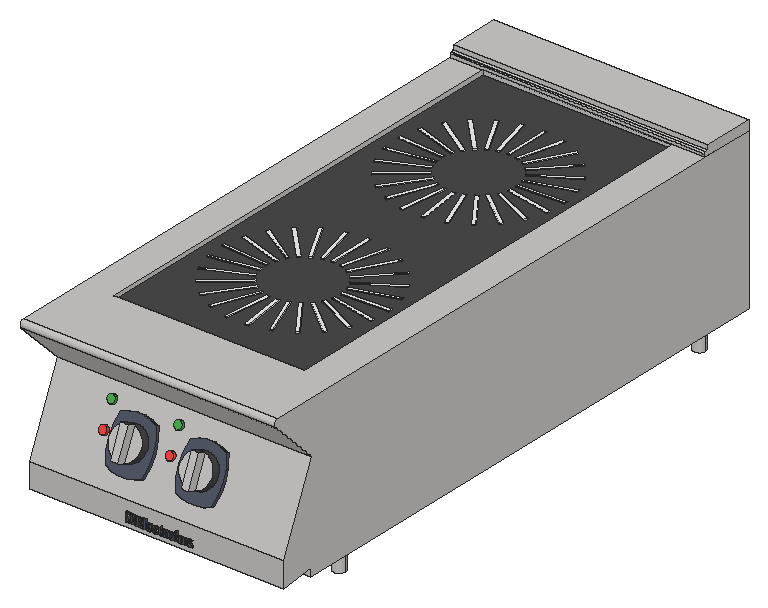
Revit family "QF_ELECTROLUXPROFESSIONAL_391168_E9INED200N", category Specialty Equipment, Revit 2018
Family settings
  Round Connector Dimension = Use Diameter
  Part Type = Normal
  Work Plane-Based = No
  Always vertical = Yes
  Cut with Voids When Loaded = No
  Shared = No
  Room Calculation Point = No
Parameters
  Width = 400 mm  # constant formula
  Weight in Pounds = 69  # constant formula
  Watts = 10000 VA  # 10000 W
  Volts = 230 V  # constant formula
  URL Cutsheet = "www.electrolux.com/foodservice"
  URL = "www.electrolux.com/foodservice"
  Type Mark [instance] = ""
  Status [instance] = ""
  Specification by User [instance] = ""
  Specification by Manufacturer = ""
  Show Logo [instance] = yes
  Show Clearance [instance] = yes
  Serial Number = ""
  Seismic Rating = ""
  SMACNA No = ""
  Revision Code [instance] = ""
  Phase = 3  # constant formula
  Omniclass Number and Title = ""
  Number of Poles [instance] = 1
  NAFEM Spec ID Number = ""
  Model = "391168"
  Min Ckt Ampacity = 0 A
  Max Overcurrent Protection = 0 A
  Masterspec = ""
  Manufacturer = "ELECTROLUX"
  Item Number [instance] = ""
  Installed By [instance] = ""
  Identify Quantity as Lot [instance] = yes
  Height = 290 mm  # constant formula
  HP = "13.4 HP"
  Furnished By [instance] = ""
  Foodservice Equipment Identifier [instance] = yes
  FL Amps = if(Phase = 3, Watts / (Volts * 1.73), Watts / Volts)  # 25.1319 A
  Electrical Remarks [instance] = "230 V/3 ph/50/60 Hz"  # constant formula
  Electric Connection Type [instance] = ""
  Elec Conn RI Height [instance] = 0 mm
  Elec Conn Connection Height [instance] = 0 mm
  Direct Waste Size = 0"
  Description = "900XP 2 ZONE ELECTRIC INDUCTION COOKING TOP -230V"
  Depth = 930 mm  # constant formula
  Cycle = if([60 Hertz Option], 60 Hz, 50 Hz)  # 60 Hz
  Conn Plug = ""
  Conn Conduit = yes
  CSI MasterFormat = ""
  CSI Master Format = ""
  Base Height [instance] = 24 mm  # constant formula
  Apparent Power = if(Phase = 3, Volts * FL Amps * 1.73, Volts * FL Amps)  # 10000 VA
  60 Hertz Option = not([50 Hertz Option])  # yes
  50 Hertz Option = no
Reference planes
  plane 1 "BACK": y = 0
  plane 2: z = 0
  plane 3 "LEFT": x = 0
  plane 4 "RIGHT": x = 400
  plane 5 "FRONT": y = -930
  plane 6 "TOP": z = 290
  plane 7 "Center Y": x = 200
  plane 8 "Center X": y = -465
  plane 9 "BASE": z = 24
  plane 10 "TOP A": z = 275
  plane 11: y = -790
  plane 12: y = -82
Forms (mm)
  Extrusion 1, solid, material "QF_Finishes_Stainless Steel"
    sketch origin (0, 0, 0) x (0, 1, 0) y (0, 0, 1)
      loop
        line (0, 275) -> (-925.027, 275)
        arc (-925.027, 275) -> (-930.893, 271.08) -> (-929.517, 264.16) r 6.35
        line (-929.517, 264.16) -> (-857.416, 191.809) -> (-913.522, 69.19) -> (-913.522, 31.09) -> (-860.4, 36.7) -> (-860.4, 24) -> (0, 24) -> (0, 275)
    from 0 to 400
  Extrusion 2, void
    sketch origin (0, 0, 275) x (-1, 0, 0) y (0, -1, 0)
      loop
        line (-50, 85) -> (-50, 810) -> (-350, 810) -> (-350, 85) -> (-50, 85)
    from 0 to -6.35
  Extrusion 3, solid, material "QF_Finishes_Stainless Steel"
    sketch origin (0, 0, 0) x (1, 0, 0) y (0, 1, 0)
      loop
        circle (11.112, -82) r 9.525
      loop
        circle (388.887, -82) r 9.525
      loop
        circle (11.112, -790) r 9.525
      loop
        circle (388.887, -790) r 9.525
    from 0 to 24
  Extrusion 4, solid, material "QF_Clearances", visible <- "Show Clearance", detail levels coarse
    sketch origin (0, 0, 0) x (1, 0, 0) y (0, 1, 0)
      loop
        line (0, -931.377) -> (0, 0) -> (400, 0) -> (400, -931.377) -> (550.019, -931.377) -> (550.019, 150.019) -> (-150.019, 150.019) -> (-150.019, -931.377) -> (0, -931.377)
    from 0 to 290
  Extrusion 5, solid, material "QF_Finishes_Navy Blue"
    sketch origin (835.325, -913.522, 69.19) x (0, 0.416078, 0.909329) y (-1, 0, 0)
      loop
        arc (101.077, 723.085) -> (66.2, 730.102) -> (31.333, 723.04) r 89.894
        arc (31.333, 723.04) -> (24.638, 694.51) -> (31.333, 665.979) r 64.14
        arc (31.333, 665.979) -> (66.2, 658.914) -> (101.077, 665.935) r 89.853
        arc (101.077, 665.935) -> (107.792, 694.51) -> (101.077, 723.085) r 64.16
      loop
        arc (101.077, 613.085) -> (66.2, 620.102) -> (31.333, 613.04) r 89.894
        arc (31.333, 613.04) -> (24.638, 584.51) -> (31.333, 555.979) r 64.14
        arc (31.333, 555.979) -> (66.2, 548.914) -> (101.077, 555.935) r 89.853
        arc (101.077, 555.935) -> (107.792, 584.51) -> (101.077, 613.085) r 64.16
    from 0 to 3.175
  Extrusion 6, solid, material "QF_Finishes_Stainless Steel"
    sketch origin (835.325, -916.409, 70.511) x (0, 0.416078, 0.909329) y (-1, 0, 0)
      loop
        circle (68.826, 584.332) r 25.4
      loop
        circle (68.826, 695.582) r 25.4
    from 0 to 12.7
  Extrusion 7, solid, material "QF_Finishes_Stainless Steel"
    sketch origin (835.325, -927.958, 75.796) x (0, 0.416078, 0.909329) y (-1, 0, 0)
      loop
        line (93.558, 590.119) -> (44.094, 590.119)
        arc (44.094, 590.119) -> (43.426, 584.332) -> (44.094, 578.546) r 25.4
        line (44.094, 578.546) -> (93.558, 578.546)
        arc (93.558, 578.546) -> (94.226, 584.332) -> (93.558, 590.119) r 25.4
      loop
        line (93.558, 701.369) -> (44.094, 701.369)
        arc (44.094, 701.369) -> (43.426, 695.582) -> (44.094, 689.796) r 25.4
        line (44.094, 689.796) -> (93.558, 689.796)
        arc (93.558, 689.796) -> (94.226, 695.582) -> (93.558, 701.369) r 25.4
    from 0 to 12.7
  Extrusion 8, solid, material "QF_Finishes_Red"
    sketch origin (510.869, -909.361, 78.284) x (0, 0.416078, 0.909329) y (-1, 0, 0)
      loop
        circle (61.417, 416.471) r 6.35
      loop
        circle (61.417, 311.471) r 6.35
    from 0 to 3.175
  Extrusion 9, solid, material "QF_Finishes_Stainless Steel"
    sketch origin (800, 0, 0) x (0, 1, 0) y (0, 0, 1)
      loop
        line (0, 290) -> (-80, 290) -> (-80, 283.447)
        arc (-80, 283.447) -> (-80.635, 281.914) -> (-82.167, 281.279) r 2.167
        line (-82.167, 281.279) -> (-83.733, 281.279)
        arc (-83.733, 281.279) -> (-84.629, 280.908) -> (-85, 280.012) r 1.267
        line (-85, 280.012) -> (-85, 275) -> (0, 275) -> (0, 290)
    from -800 to -400
  Extrusion 10, solid, material "QF_Finishes_Green"
    sketch origin (0, -913.522, 69.19) x (0, 0.416078, 0.909329) y (-1, 0, 0)
      loop
        circle (111.417, -94.398) r 6.35
      loop
        circle (111.417, -199.398) r 6.35
    from 0 to 3.175
  Extrusion 11, solid, material "QF_Finishes_Navy Blue", visible <- "Show Logo"
    sketch origin (0, -915, 31.09) x (0, 0, 1) y (-1, 0, 0)
      loop
        line (22.074, -162.506) -> (9.707, -162.506)
        arc (9.707, -162.506) -> (15.891, -167.078) -> (22.074, -162.506) r 6.467
      loop
        arc (22.074, -161.877) -> (20.905, -156.734) -> (16.249, -154.256) r 6.338
        line (16.249, -154.256) -> (16.249, -156.302)
        arc (16.249, -156.302) -> (17.733, -159.957) -> (21.178, -161.877) r 5.941
        line (21.178, -161.877) -> (22.074, -161.877)
      loop
        arc (10.603, -161.877) -> (14.048, -159.957) -> (15.532, -156.302) r 5.941
        line (15.532, -156.302) -> (15.532, -154.256)
        arc (15.532, -154.256) -> (10.838, -156.73) -> (9.548, -161.877) r 6.504
        line (9.548, -161.877) -> (10.603, -161.877)
      loop
        line (22.749, -153.787) -> (9.004, -153.787) -> (9.004, -167.55) -> (22.749, -167.55) -> (22.749, -153.787)
      loop
        arc (22.832, -170.518) -> (22.485, -170.16) -> (22.118, -170.498) r 0.358
        arc (22.118, -170.498) -> (21.804, -171.248) -> (21.087, -171.633) r 1.216
        line (21.087, -171.633) -> (10.674, -171.633)
        arc (10.674, -171.633) -> (10.014, -171.356) -> (9.618, -170.759) r 1.238
        arc (9.618, -170.759) -> (9.223, -170.508) -> (8.918, -170.862) r 0.358
        line (8.918, -170.862) -> (8.918, -180.741) -> (11.669, -180.741) -> (11.669, -179.844)
        arc (11.669, -179.844) -> (10.76, -179.264) -> (10.304, -178.287) r 1.928
        line (10.304, -178.287) -> (10.304, -175.788)
        arc (10.304, -175.788) -> (10.58, -175.059) -> (11.268, -174.695) r 1.101
        line (11.268, -174.695) -> (15.355, -174.695) -> (15.355, -178.369)
        arc (15.355, -178.369) -> (15.002, -178.866) -> (14.437, -179.094) r 1.083
        arc (14.437, -179.094) -> (14.173, -179.399) -> (14.465, -179.677) r 0.292
        line (14.465, -179.677) -> (17.428, -179.677)
        arc (17.428, -179.677) -> (17.73, -179.404) -> (17.492, -179.074) r 0.305
        arc (17.492, -179.074) -> (17.001, -178.826) -> (16.696, -178.369) r 1.083
        line (16.696, -178.369) -> (16.696, -174.695) -> (21.373, -174.695) -> (21.373, -178.443)
        arc (21.373, -178.443) -> (21.159, -179.198) -> (20.553, -179.696) r 1.314
        arc (20.553, -179.696) -> (20.334, -180.1) -> (20.688, -180.393) r 0.361
        line (20.688, -180.393) -> (22.832, -180.393) -> (22.832, -170.518)
      loop
        arc (22.115, -181.173) -> (21.735, -182.092) -> (20.816, -182.472) r 1.299
        line (20.816, -182.472) -> (11.237, -182.472)
        arc (11.237, -182.472) -> (10.399, -182.094) -> (10.128, -181.216) r 1.118
        line (10.128, -181.216) -> (8.918, -181.216) -> (8.918, -186.566) -> (10.106, -186.566)
        arc (10.106, -186.566) -> (10.378, -185.649) -> (11.248, -185.253) r 1.153
        line (11.248, -185.253) -> (23.32, -185.253) -> (22.115, -181.173)
      loop
        line (13.883, -189.202) -> (13.883, -195.65) -> (14.682, -195.65)
        arc (14.682, -195.65) -> (17.262, -194.665) -> (18.531, -192.212) r 3.874
        line (18.531, -192.212) -> (18.531, -190.451)
        arc (18.531, -190.451) -> (17.344, -187.586) -> (14.48, -186.4) r 4.051
        line (14.48, -186.4) -> (12.472, -186.4)
        arc (12.472, -186.4) -> (9.653, -187.885) -> (8.602, -190.892) r 4.352
        arc (8.602, -190.892) -> (8.966, -193.355) -> (10.343, -195.429) r 5.713
        line (10.343, -195.429) -> (11.292, -195.429)
        arc (11.292, -195.429) -> (10.56, -193.86) -> (10.343, -192.142) r 5.579
        arc (10.343, -192.142) -> (11.137, -190.179) -> (13.016, -189.202) r 3.057
        line (13.016, -189.202) -> (13.883, -189.202)
      loop
        line (15.142, -189.202) -> (15.142, -192.784)
        arc (15.142, -192.784) -> (16.599, -192.832) -> (17.482, -191.672) r 1.59
        line (17.482, -191.672) -> (17.482, -190.842)
        arc (17.482, -190.842) -> (16.617, -189.587) -> (15.142, -189.202) r 2.184
      loop
        arc (17.933, -205.067) -> (18.422, -203.393) -> (18.579, -201.656) r 9.023
        line (18.579, -201.656) -> (18.579, -200.294)
        arc (18.579, -200.294) -> (17.42, -197.494) -> (14.62, -196.335) r 3.959
        line (14.62, -196.335) -> (12.02, -196.335)
        arc (12.02, -196.335) -> (9.738, -197.627) -> (8.621, -200) r 4.331
        line (8.621, -200) -> (8.621, -202.135)
        arc (8.621, -202.135) -> (9.129, -203.685) -> (10.051, -205.031) r 5.772
        arc (10.051, -205.031) -> (10.812, -205.082) -> (10.899, -204.323) r 0.553
        arc (10.899, -204.323) -> (10.511, -203.589) -> (10.377, -202.77) r 2.573
        line (10.377, -202.77) -> (10.377, -201.255)
        arc (10.377, -201.255) -> (11.383, -199.614) -> (13.198, -198.971) r 2.884
        line (13.198, -198.971) -> (14.477, -198.971)
        arc (14.477, -198.971) -> (16.298, -199.531) -> (17.224, -201.196) r 2.554
        line (17.224, -201.196) -> (17.224, -202.249)
        arc (17.224, -202.249) -> (16.893, -203.177) -> (16.236, -203.912) r 2.564
        arc (16.236, -203.912) -> (16.014, -204.629) -> (16.623, -205.067) r 0.643
        line (16.623, -205.067) -> (17.933, -205.067)
      loop
        line (16.915, -205.337) -> (16.915, -206.838) -> (10.867, -206.838)
        arc (10.867, -206.838) -> (9.279, -207.496) -> (8.621, -209.084) r 2.246
        line (8.621, -209.084) -> (8.621, -210.668)
        arc (8.621, -210.668) -> (8.935, -211.533) -> (9.435, -212.304) r 4.06
        arc (9.435, -212.304) -> (10.168, -212.437) -> (10.419, -211.736) r 0.576
        arc (10.419, -211.736) -> (10.313, -211.211) -> (10.377, -210.678) r 1.69
        arc (10.377, -210.678) -> (10.919, -209.89) -> (11.825, -209.587) r 1.506
        line (11.825, -209.587) -> (16.963, -209.587) -> (16.963, -211.984) -> (17.519, -212.541) -> (18.341, -212.541) -> (18.341, -209.681) -> (21.572, -209.681) -> (16.915, -205.337)
      loop
        line (8.838, -213.438) -> (8.838, -218.825) -> (9.948, -218.825)
        arc (9.948, -218.825) -> (10.342, -217.874) -> (11.293, -217.48) r 1.345
        line (11.293, -217.48) -> (14.909, -217.48)
        arc (14.909, -217.48) -> (15.674, -218.072) -> (15.964, -218.994) r 1.615
        line (15.964, -218.994) -> (15.964, -220.55) -> (18.519, -221.235) -> (18.519, -219.852) -> (16.577, -217.293) -> (18.457, -217.293) -> (18.173, -214.587)
        arc (18.173, -214.587) -> (17.733, -214.057) -> (17.074, -214.258) r 0.621
        arc (17.074, -214.258) -> (16.674, -214.6) -> (16.18, -214.783) r 1.501
        line (16.18, -214.783) -> (11.293, -214.783)
        arc (11.293, -214.783) -> (10.342, -214.389) -> (9.948, -213.438) r 1.345
        line (9.948, -213.438) -> (8.838, -213.438)
      loop
        line (14.94, -220.772) -> (12.248, -220.772)
        arc (12.248, -220.772) -> (9.803, -222.08) -> (8.669, -224.611) r 4.288
        arc (8.669, -224.611) -> (8.605, -225.991) -> (8.669, -227.371) r 15.022
        arc (8.669, -227.371) -> (9.803, -229.902) -> (12.248, -231.209) r 4.288
        line (12.248, -231.209) -> (14.94, -231.209)
        arc (14.94, -231.209) -> (17.386, -229.902) -> (18.519, -227.371) r 4.288
        arc (18.519, -227.371) -> (18.583, -225.991) -> (18.519, -224.611) r 15.022
        arc (18.519, -224.611) -> (17.386, -222.08) -> (14.94, -220.772) r 4.288
      loop
        line (15.145, -223.886) -> (12.043, -223.886)
        arc (12.043, -223.886) -> (9.886, -226.043) -> (12.043, -228.2) r 2.157
        line (12.043, -228.2) -> (15.145, -228.2)
        arc (15.145, -228.2) -> (17.302, -226.043) -> (15.145, -223.886) r 2.157
      loop
        arc (22.126, -231.068) -> (21.755, -231.962) -> (20.861, -232.332) r 1.264
        line (20.861, -232.332) -> (10.997, -232.332)
        arc (10.997, -232.332) -> (10.127, -231.935) -> (9.855, -231.019) r 1.153
        line (9.855, -231.019) -> (8.918, -231.019) -> (8.918, -236.127) -> (9.846, -236.127)
        arc (9.846, -236.127) -> (10.205, -235.355) -> (10.997, -235.04) r 1.153
        line (10.997, -235.04) -> (23.32, -235.04) -> (22.126, -231.068)
      loop
        arc (17.246, -235.665) -> (17.047, -236.729) -> (16.078, -237.211) r 1.215
        line (16.078, -237.211) -> (11.058, -237.211)
        arc (11.058, -237.211) -> (9.443, -237.859) -> (8.722, -239.442) r 2.338
        line (8.722, -239.442) -> (8.722, -240.956)
        arc (8.722, -240.956) -> (8.897, -241.96) -> (9.399, -242.846) r 2.979
        line (9.399, -242.846) -> (8.918, -244.643) -> (8.918, -246.332) -> (18.343, -246.332) -> (18.049, -242.128) -> (17.263, -242.128)
        arc (17.263, -242.128) -> (16.907, -242.964) -> (16.155, -243.473) r 1.605
        line (16.155, -243.473) -> (11.052, -243.473)
        arc (11.052, -243.473) -> (10.632, -242.536) -> (10.559, -241.512) r 2.94
        arc (10.559, -241.512) -> (11.12, -240.411) -> (12.273, -239.968) r 1.724
        line (12.273, -239.968) -> (18.47, -239.968) -> (17.246, -235.665)
      loop
        line (18.274, -247.185) -> (16.602, -249.231) -> (13.428, -251.537) -> (9.972, -248.425)
        arc (9.972, -248.425) -> (9.735, -248.031) -> (9.757, -247.572) r 0.789
        line (9.757, -247.572) -> (8.918, -247.572) -> (8.918, -251.117) -> (9.744, -251.117)
        arc (9.744, -251.117) -> (10.086, -250.755) -> (10.576, -250.847) r 0.52
        line (10.576, -250.847) -> (12.376, -252.318) -> (10.258, -253.694)
        arc (10.258, -253.694) -> (9.857, -253.384) -> (9.77, -252.884) r 0.7
        line (9.77, -252.884) -> (8.918, -252.884) -> (8.918, -258.811) -> (9.805, -258.811)
        arc (9.805, -258.811) -> (9.872, -258.152) -> (10.266, -257.621) r 1.247
        line (10.266, -257.621) -> (14.466, -254.34) -> (16.913, -256.393) -> (18.274, -258.135) -> (18.274, -254.412) -> (16.789, -254.834) -> (15.268, -253.557) -> (16.968, -252.367) -> (18.274, -253.144) -> (18.274, -247.185)
    from 0 to 1.644
  Extrusion 12, solid, material "QF_Finishes_Stainless Steel"
    sketch origin (0, 0, 275) x (0, 0, -1) y (-1, 0, 0)
      loop
        circle (220, -340) r 12.7
    from 0 to 12.7
Cuts and joins
  Extrusion 2 cuts Extrusion 1
Lines and regions (mm)
  symbolic lines, style "QF_Clearances", visible <- "Show Clearance", detail levels coarse
    curve 1: line (-150.019, 150.019, 275) -> (-150.019, -931.377, 275)
    curve 2: line (550.019, 150.019, 275) -> (-150.019, 150.019, 275)
    curve 3: line (550.019, -931.377, 275) -> (550.019, 150.019, 275)
  symbolic lines
    curve 4: line (0, 0, 275) -> (400, 0, 275)
    curve 5: line (0, -930, 275) -> (0, 0, 275)
    curve 6: line (400, 0, 275) -> (400, -930, 275)
    curve 7: line (400, -930, 275) -> (0, -930, 275)
    curve 8: line (50, -810, 268.65) -> (50, -110, 268.65)
    curve 9: line (50, -110, 268.65) -> (350, -110, 268.65)
    curve 10: line (350, -110, 268.65) -> (350, -810, 268.65)
    curve 11: line (350, -810, 268.65) -> (50, -810, 268.65)
    curve 12: line (0, -85, 268.65) -> (400, -85, 268.65)
    curve 13: line (0, -80, 268.65) -> (400, -80, 268.65)
Dimensions and locks
  equal spacing: plane 3 "LEFT", plane 7 "Center Y", plane 4 "RIGHT"
  "Width": plane 3 "LEFT" to plane 4 "RIGHT"
  equal spacing: plane 5 "FRONT", plane 8 "Center X", plane 1 "BACK"
  "Depth": plane 5 "FRONT" to plane 1 "BACK"
  "Height": plane 6 "TOP" to level
  "Base Height": plane 9 "BASE" to level
  plane 1 "BACK" to plane 5 "FRONT" = 930 mm
  plane 10 "TOP A" to plane 9 "BASE" = 251 mm  (x2)
  plane 1 "BACK" to plane 12 = 82 mm
  locked: plane 12 to plane 11 at 708
  plane 6 "TOP" to level = 290 mm
  plane 9 "BASE" to level = 24 mm
  Extrusion 1 sketch curve to Extrusion 1 sketch curve to Extrusion 1 sketch curve to Extrusion 1 sketch curve to Extrusion 1 sketch curve to Extrusion 1 sketch curve to Extrusion 1 sketch curve = 2.984 mm locked, 0 mm locked, 53.122 mm locked, 0 mm locked, 11.505 mm locked, 4.49 mm locked
  plane 12 to plane 1 "BACK" = 82 mm
  plane 11 to plane 12 = 708 mm
  cut or joined group of Extrusion 1, Extrusion 2 to plane 10 "TOP A" = 251 mm
  plane 6 "TOP" to plane 2 = 290 mm
  Extrusion 3 sketch curve to plane 1 "BACK" = 82 mm
  Extrusion 3 sketch curve to plane 12 = 708 mm
  aligned and locked: level to plane 2
Automatic sketch dimensions
  plane 5 "FRONT" to curve 7 = 0 mm
  plane 1 "BACK" to curve 6 = 0 mm
  curve 7 to plane 3 "LEFT" = 0 mm
  plane 4 "RIGHT" to curve 6 = 0 mm
  curve 3 to curve 4 = 150.019 mm
  plane 5 "FRONT" to curve 1 = 1.377 mm
  curve 1 to plane 3 "LEFT" = 150.019 mm
  curve 1 to plane 1 "BACK" = 150.019 mm
  plane 5 "FRONT" to curve 3 = 1.377 mm
  Extrusion 1 sketch curve to plane 10 "TOP A" = 0 mm
  Extrusion 1 sketch curve to plane 9 "BASE" = 0 mm
  Extrusion 1 sketch curve to plane 1 "BACK" = 0 mm
  plane 11 to Extrusion 1 sketch curve = 67.416 mm
  plane 9 "BASE" to Extrusion 1 sketch curve = 7.09 mm
  plane 9 "BASE" to Extrusion 1 sketch curve = 12.7 mm
  Extrusion 1 sketch curve to Extrusion 1 sketch curve = 38.1 mm
  Extrusion 1 sketch curve to plane 10 "TOP A" = 83.191 mm
  Extrusion 1 sketch curve to plane 10 "TOP A" = 10.84 mm
  Extrusion 2 to curve 12 = 0 mm
  Extrusion 2 to curve 11 = 0 mm
  curve 11 to Extrusion 2 = 0 mm
  Extrusion 2 to curve 13 = 5 mm
  curve 12 to curve 13 = 0 mm  (x2)
  Extrusion 2 to curve 13 = 50 mm
  curve 10 to Extrusion 2 = 25 mm
  Extrusion 5 sketch curve to Extrusion 1 = 31.333 mm  (x4)
  Extrusion 5 sketch curve to Extrusion 5 sketch curve = 12.3 mm  (x6)
  Extrusion 5 sketch curve to Extrusion 5 sketch curve = 34.925 mm  (x3)
  Extrusion 5 sketch curve to Extrusion 5 sketch curve = 0 mm
  Extrusion 5 sketch curve to Extrusion 5 sketch curve = 22.52 mm  (x2)
  Extrusion 5 sketch curve to Extrusion 5 sketch curve = 25.727 mm
  Extrusion 5 sketch curve to Extrusion 5 sketch curve = 25.771 mm
  Extrusion 5 sketch curve to Extrusion 5 sketch curve = 28.531 mm  (x2)
  Extrusion 5 sketch curve to Extrusion 5 sketch curve = 1.44 mm
  Extrusion 5 sketch curve to Extrusion 5 sketch curve = 52.85 mm
  Extrusion 5 sketch curve to Extrusion 5 sketch curve = 52.939 mm
  Extrusion 6 sketch curve to Extrusion 6 sketch curve = 0 mm
  Extrusion 6 sketch curve to Extrusion 6 sketch curve = 111.25 mm
  Extrusion 7 sketch curve to Extrusion 7 sketch curve = 24.732 mm  (x2)
  Extrusion 7 sketch curve to Extrusion 7 sketch curve = 0 mm  (x2)
  Extrusion 9 sketch curve to plane 10 "TOP A" = 0 mm
  Extrusion 9 sketch curve to plane 6 "TOP" = 0 mm
  Extrusion 9 sketch curve to plane 1 "BACK" = 0 mm
  Extrusion 9 sketch curve to plane 12 = 2 mm
  plane 12 to Extrusion 9 sketch curve = 0.167 mm
  Extrusion 9 sketch curve to Extrusion 9 sketch curve = 1.566 mm
  plane 12 to Extrusion 9 sketch curve = 3 mm
  Extrusion 9 sketch curve to Extrusion 9 sketch curve = 5.012 mm
  Extrusion 1 to Extrusion 5 sketch curve = 305.117 mm
  Extrusion 4 sketch curve to plane 3 "LEFT" = 0 mm
  Extrusion 4 sketch curve to plane 4 "RIGHT" = 0 mm
  Extrusion 4 sketch curve to plane 3 "LEFT" = 150.019 mm
  plane 4 "RIGHT" to Extrusion 4 sketch curve = 150.019 mm
  plane 5 "FRONT" to Extrusion 4 sketch curve = 1.377 mm  (x2)
  Extrusion 4 sketch curve to plane 1 "BACK" = 150.019 mm
  plane 1 "BACK" to Extrusion 4 sketch curve = 0 mm
  plane 12 to Extrusion 2 sketch curve = 3 mm
  plane 11 to Extrusion 2 sketch curve = 20 mm
  Extrusion 2 sketch curve to plane 4 "RIGHT" = 50 mm
  plane 3 "LEFT" to Extrusion 2 sketch curve = 50 mm
  Extrusion 2 to curve 10 = 0 mm
  curve 13 to curve 9 = 50 mm
  Extrusion 1 to Extrusion 8 sketch curve = 63.428 mm  (x2)
  Extrusion 8 sketch curve to Extrusion 8 sketch curve = 105 mm
  Extrusion 1 to Extrusion 8 sketch curve = 199.398 mm
  Extrusion 1 to Extrusion 10 sketch curve = 23.428 mm  (x2)
  Extrusion 1 to Extrusion 10 sketch curve = 199.398 mm
  Extrusion 1 to Extrusion 10 sketch curve = 94.398 mm
  Extrusion 11 sketch curve to plane 7 "Center Y" = 0 mm
  plane 9 "BASE" to Extrusion 11 sketch curve = 10.651 mm
  plane 9 "BASE" to Extrusion 11 sketch curve = 15.692 mm
  plane 9 "BASE" to Extrusion 11 sketch curve = 15.711 mm
  Extrusion 11 sketch curve to Extrusion 11 sketch curve = 0 mm  (x28)
  Extrusion 11 sketch curve to Extrusion 11 sketch curve = 5.108 mm  (x2)
  Extrusion 11 sketch curve to Extrusion 11 sketch curve = 0.054 mm
  Extrusion 11 sketch curve to Extrusion 11 sketch curve = 0.218 mm
  Extrusion 11 sketch curve to Extrusion 11 sketch curve = 0.195 mm
  Extrusion 11 sketch curve to Extrusion 11 sketch curve = 0.249 mm
  plane 9 "BASE" to Extrusion 11 sketch curve = 16.008 mm
  Extrusion 11 sketch curve to Extrusion 11 sketch curve = 0.087 mm
  Extrusion 11 sketch curve to Extrusion 11 sketch curve = 0.358 mm
  Extrusion 11 sketch curve to Extrusion 11 sketch curve = 0.481 mm
  Extrusion 11 sketch curve to Extrusion 11 sketch curve = 0.597 mm
  Extrusion 11 sketch curve to Extrusion 11 sketch curve = 0.544 mm
  Extrusion 11 sketch curve to Extrusion 11 sketch curve = 0.936 mm
  Extrusion 11 sketch curve to Extrusion 11 sketch curve = 0.594 mm
  Extrusion 11 sketch curve to Extrusion 11 sketch curve = 0.343 mm
  Extrusion 11 sketch curve to Extrusion 11 sketch curve = 0.159 mm
  Extrusion 11 sketch curve to Extrusion 11 sketch curve = 0.826 mm
  Extrusion 11 sketch curve to Extrusion 11 sketch curve = 0.839 mm
  Extrusion 11 sketch curve to Extrusion 11 sketch curve = 0.852 mm
  Extrusion 11 sketch curve to Extrusion 11 sketch curve = 0.887 mm
  Extrusion 11 sketch curve to Extrusion 11 sketch curve = 0.928 mm
  Extrusion 11 sketch curve to Extrusion 11 sketch curve = 0.938 mm
  Extrusion 11 sketch curve to Extrusion 11 sketch curve = 0.444 mm
  Extrusion 11 sketch curve to Extrusion 11 sketch curve = 1.11 mm  (x3)
  Extrusion 11 sketch curve to Extrusion 11 sketch curve = 0.215 mm
  Extrusion 11 sketch curve to Extrusion 11 sketch curve = 1.43 mm
  Extrusion 11 sketch curve to Extrusion 11 sketch curve = 1.188 mm
  Extrusion 11 sketch curve to Extrusion 11 sketch curve = 1.21 mm  (x2)
  Extrusion 11 sketch curve to Extrusion 11 sketch curve = 0.503 mm
  Extrusion 11 sketch curve to Extrusion 11 sketch curve = 0.488 mm
  Extrusion 11 sketch curve to Extrusion 11 sketch curve = 0.462 mm
  Extrusion 11 sketch curve to Extrusion 11 sketch curve = 1.386 mm
  Extrusion 11 sketch curve to Extrusion 11 sketch curve = 1.742 mm  (x2)
  Extrusion 11 sketch curve to Extrusion 11 sketch curve = 0.821 mm
  Extrusion 11 sketch curve to Extrusion 11 sketch curve = 0.497 mm
  Extrusion 11 sketch curve to Extrusion 11 sketch curve = 0.539 mm
  Extrusion 11 sketch curve to Extrusion 11 sketch curve = 0.199 mm
  Extrusion 11 sketch curve to Extrusion 11 sketch curve = 0.408 mm
  Extrusion 11 sketch curve to Extrusion 11 sketch curve = 0.743 mm
  Extrusion 11 sketch curve to Extrusion 11 sketch curve = 1.16 mm
  Extrusion 11 sketch curve to Extrusion 11 sketch curve = 0.329 mm
  Extrusion 11 sketch curve to Extrusion 11 sketch curve = 1.054 mm
  Extrusion 11 sketch curve to Extrusion 11 sketch curve = 1.056 mm
  Extrusion 11 sketch curve to Extrusion 11 sketch curve = 0.129 mm
  Extrusion 11 sketch curve to Extrusion 11 sketch curve = 0.489 mm
  Extrusion 11 sketch curve to Extrusion 11 sketch curve = 0.441 mm
  Extrusion 11 sketch curve to Extrusion 11 sketch curve = 1.151 mm
  Extrusion 11 sketch curve to Extrusion 11 sketch curve = 1.141 mm  (x2)
  Extrusion 11 sketch curve to Extrusion 11 sketch curve = 0.768 mm
  Extrusion 11 sketch curve to Extrusion 11 sketch curve = 1.653 mm
  Extrusion 11 sketch curve to Extrusion 11 sketch curve = 0.499 mm
  Extrusion 11 sketch curve to Extrusion 11 sketch curve = 0.964 mm
  Extrusion 11 sketch curve to Extrusion 11 sketch curve = 0.949 mm
  Extrusion 11 sketch curve to Extrusion 11 sketch curve = 1.345 mm  (x2)
  Extrusion 11 sketch curve to Extrusion 11 sketch curve = 1.101 mm
  Extrusion 11 sketch curve to Extrusion 11 sketch curve = 0.432 mm
  Extrusion 11 sketch curve to Extrusion 11 sketch curve = 1.142 mm
  Extrusion 11 sketch curve to Extrusion 11 sketch curve = 0.959 mm
  Extrusion 11 sketch curve to Extrusion 11 sketch curve = 0.176 mm
  Extrusion 11 sketch curve to Extrusion 11 sketch curve = 0.728 mm
  Extrusion 11 sketch curve to Extrusion 11 sketch curve = 3.375 mm  (x2)
  Extrusion 11 sketch curve to Extrusion 11 sketch curve = 0.541 mm
  Extrusion 11 sketch curve to Extrusion 11 sketch curve = 0.955 mm
  Extrusion 11 sketch curve to Extrusion 11 sketch curve = 1.251 mm
  Extrusion 11 sketch curve to Extrusion 11 sketch curve = 0.572 mm
  Extrusion 11 sketch curve to Extrusion 11 sketch curve = 1.92 mm
  Extrusion 11 sketch curve to Extrusion 11 sketch curve = 1.224 mm
  Extrusion 11 sketch curve to Extrusion 11 sketch curve = 0.745 mm
  plane 7 "Center Y" to Extrusion 11 sketch curve = 0.572 mm
  Extrusion 11 sketch curve to Extrusion 11 sketch curve = 2.537 mm
  Extrusion 11 sketch curve to Extrusion 11 sketch curve = 0.896 mm  (x3)
  Extrusion 11 sketch curve to Extrusion 11 sketch curve = 0.036 mm
  Extrusion 11 sketch curve to Extrusion 11 sketch curve = 2.607 mm
  Extrusion 11 sketch curve to Extrusion 11 sketch curve = 0.066 mm
  Extrusion 11 sketch curve to Extrusion 11 sketch curve = 0.248 mm
  Extrusion 11 sketch curve to Extrusion 11 sketch curve = 0.449 mm
  Extrusion 11 sketch curve to Extrusion 11 sketch curve = 1.052 mm
  Extrusion 11 sketch curve to Extrusion 11 sketch curve = 1.863 mm
  Extrusion 11 sketch curve to Extrusion 11 sketch curve = 1.31 mm  (x2)
  Extrusion 11 sketch curve to Extrusion 11 sketch curve = 0.901 mm
  Extrusion 11 sketch curve to Extrusion 11 sketch curve = 1.107 mm
  Extrusion 11 sketch curve to Extrusion 11 sketch curve = 2.122 mm
  Extrusion 11 sketch curve to Extrusion 11 sketch curve = 2.101 mm
  Extrusion 11 sketch curve to Extrusion 11 sketch curve = 0.106 mm
  Extrusion 11 sketch curve to Extrusion 11 sketch curve = 0.029 mm
  Extrusion 11 sketch curve to Extrusion 11 sketch curve = 2.09 mm
  Extrusion 11 sketch curve to Extrusion 11 sketch curve = 1.279 mm
  Extrusion 11 sketch curve to Extrusion 11 sketch curve = 2.008 mm
  Extrusion 11 sketch curve to Extrusion 11 sketch curve = 0.738 mm
  Extrusion 11 sketch curve to Extrusion 11 sketch curve = 0.382 mm
  Extrusion 11 sketch curve to Extrusion 11 sketch curve = 0.384 mm
  Extrusion 11 sketch curve to Extrusion 11 sketch curve = 0.002 mm
  Extrusion 11 sketch curve to Extrusion 11 sketch curve = 0.561 mm
  Extrusion 11 sketch curve to Extrusion 11 sketch curve = 0.592 mm
  Extrusion 11 sketch curve to Extrusion 11 sketch curve = 2.692 mm
  Extrusion 11 sketch curve to Extrusion 11 sketch curve = 1.259 mm
  Extrusion 11 sketch curve to Extrusion 11 sketch curve = 0.802 mm
  Extrusion 11 sketch curve to Extrusion 11 sketch curve = 1.024 mm  (x2)
  Extrusion 11 sketch curve to Extrusion 11 sketch curve = 0.682 mm
  Extrusion 11 sketch curve to Extrusion 11 sketch curve = 5.934 mm
  Extrusion 11 sketch curve to Extrusion 11 sketch curve = 2.186 mm
  Extrusion 11 sketch curve to Extrusion 11 sketch curve = 0.337 mm
  Extrusion 11 sketch curve to Extrusion 11 sketch curve = 0.021 mm
  Extrusion 11 sketch curve to Extrusion 11 sketch curve = 1.005 mm
  Extrusion 11 sketch curve to Extrusion 11 sketch curve = 0.552 mm
  Extrusion 11 sketch curve to Extrusion 11 sketch curve = 0.778 mm
  Extrusion 11 sketch curve to Extrusion 11 sketch curve = 0.063 mm
  Extrusion 11 sketch curve to Extrusion 11 sketch curve = 1.023 mm
  Extrusion 11 sketch curve to Extrusion 11 sketch curve = 3.804 mm
  Extrusion 11 sketch curve to Extrusion 11 sketch curve = 0.486 mm
  Extrusion 11 sketch curve to Extrusion 11 sketch curve = 0.266 mm  (x2)
  Extrusion 11 sketch curve to Extrusion 11 sketch curve = 1.547 mm
  Extrusion 11 sketch curve to Extrusion 11 sketch curve = 0.717 mm  (x2)
  Extrusion 11 sketch curve to Extrusion 11 sketch curve = 1.667 mm
  Extrusion 11 sketch curve to Extrusion 11 sketch curve = 3.174 mm
  Extrusion 11 sketch curve to Extrusion 11 sketch curve = 0.388 mm
  Extrusion 11 sketch curve to Extrusion 11 sketch curve = 1.342 mm
  Extrusion 11 sketch curve to Extrusion 11 sketch curve = 1.521 mm
  Extrusion 11 sketch curve to Extrusion 11 sketch curve = 0.124 mm
  Extrusion 11 sketch curve to Extrusion 11 sketch curve = 0.291 mm
  plane 7 "Center Y" to Extrusion 11 sketch curve = 11.984 mm
  Extrusion 11 sketch curve to Extrusion 11 sketch curve = 1.049 mm  (x2)
  Extrusion 11 sketch curve to Extrusion 11 sketch curve = 1.7 mm
  Extrusion 11 sketch curve to Extrusion 11 sketch curve = 0.894 mm
  Extrusion 11 sketch curve to Extrusion 11 sketch curve = 0.989 mm
  Extrusion 11 sketch curve to Extrusion 11 sketch curve = 1.168 mm
  Extrusion 11 sketch curve to Extrusion 11 sketch curve = 1.594 mm
  Extrusion 11 sketch curve to Extrusion 11 sketch curve = 0.731 mm
  Extrusion 11 sketch curve to Extrusion 11 sketch curve = 1.566 mm
  Extrusion 11 sketch curve to Extrusion 11 sketch curve = 0.064 mm
  Extrusion 11 sketch curve to Extrusion 11 sketch curve = 0.556 mm  (x3)
  Extrusion 11 sketch curve to Extrusion 11 sketch curve = 0.48 mm
  Extrusion 11 sketch curve to Extrusion 11 sketch curve = 1.018 mm
  Extrusion 11 sketch curve to Extrusion 11 sketch curve = 0.787 mm
  Extrusion 11 sketch curve to Extrusion 11 sketch curve = 0.618 mm
  Extrusion 11 sketch curve to Extrusion 11 sketch curve = 1.672 mm
  Extrusion 11 sketch curve to Extrusion 11 sketch curve = 1.361 mm
  Extrusion 11 sketch curve to Extrusion 11 sketch curve = 0.822 mm
  Extrusion 11 sketch curve to Extrusion 11 sketch curve = 0.069 mm
  Extrusion 11 sketch curve to Extrusion 11 sketch curve = 1.88 mm
  Extrusion 11 sketch curve to Extrusion 11 sketch curve = 0.42 mm
  Extrusion 11 sketch curve to Extrusion 11 sketch curve = 0.062 mm
  Extrusion 11 sketch curve to Extrusion 11 sketch curve = 1.355 mm
  Extrusion 11 sketch curve to Extrusion 11 sketch curve = 2.34 mm
  Extrusion 11 sketch curve to Extrusion 11 sketch curve = 0.493 mm
  Extrusion 11 sketch curve to Extrusion 11 sketch curve = 0.136 mm
  Extrusion 11 sketch curve to Extrusion 11 sketch curve = 0.128 mm
  Extrusion 11 sketch curve to Extrusion 11 sketch curve = 3.616 mm
  Extrusion 11 sketch curve to Extrusion 11 sketch curve = 4.207 mm
  Extrusion 11 sketch curve to Extrusion 11 sketch curve = 0.183 mm
  Extrusion 11 sketch curve to Extrusion 11 sketch curve = 0.895 mm
  Extrusion 11 sketch curve to Extrusion 11 sketch curve = 1.314 mm
  Extrusion 11 sketch curve to Extrusion 11 sketch curve = 3.231 mm
  Extrusion 11 sketch curve to Extrusion 11 sketch curve = 1.299 mm
  Extrusion 11 sketch curve to Extrusion 11 sketch curve = 1.214 mm
  Extrusion 11 sketch curve to Extrusion 11 sketch curve = 1.264 mm
  Extrusion 11 sketch curve to Extrusion 11 sketch curve = 0.109 mm
  Extrusion 11 sketch curve to Extrusion 11 sketch curve = 0.357 mm
  Extrusion 11 sketch curve to Extrusion 11 sketch curve = 0.565 mm
  Extrusion 11 sketch curve to Extrusion 11 sketch curve = 2.504 mm
  Extrusion 11 sketch curve to Extrusion 11 sketch curve = 2.459 mm
  Extrusion 11 sketch curve to Extrusion 11 sketch curve = 0.32 mm
  Extrusion 11 sketch curve to Extrusion 11 sketch curve = 1.322 mm
  Extrusion 11 sketch curve to Extrusion 11 sketch curve = 1.134 mm
  Extrusion 11 sketch curve to Extrusion 11 sketch curve = 2.51 mm
  Extrusion 11 sketch curve to Extrusion 11 sketch curve = 0.187 mm
  Extrusion 11 sketch curve to Extrusion 11 sketch curve = 2.559 mm
  Extrusion 11 sketch curve to Extrusion 11 sketch curve = 1.556 mm
  Extrusion 11 sketch curve to Extrusion 11 sketch curve = 0.222 mm
  Extrusion 11 sketch curve to Extrusion 11 sketch curve = 1.383 mm
  Extrusion 11 sketch curve to Extrusion 11 sketch curve = 3.114 mm
  Extrusion 11 sketch curve to Extrusion 11 sketch curve = 3.376 mm
  Extrusion 11 sketch curve to Extrusion 11 sketch curve = 0.934 mm
  Extrusion 11 sketch curve to Extrusion 11 sketch curve = 0.191 mm
  Extrusion 11 sketch curve to Extrusion 11 sketch curve = 3.696 mm
  Extrusion 11 sketch curve to Extrusion 11 sketch curve = 2.708 mm
  Extrusion 11 sketch curve to Extrusion 11 sketch curve = 3.333 mm
  Extrusion 11 sketch curve to Extrusion 11 sketch curve = 0.332 mm
  Extrusion 11 sketch curve to Extrusion 11 sketch curve = 1.087 mm
  Extrusion 11 sketch curve to Extrusion 11 sketch curve = 2.23 mm
  Extrusion 11 sketch curve to Extrusion 11 sketch curve = 2.757 mm
  Extrusion 11 sketch curve to Extrusion 11 sketch curve = 0.987 mm
  Extrusion 11 sketch curve to Extrusion 11 sketch curve = 1.529 mm
  Extrusion 11 sketch curve to Extrusion 11 sketch curve = 1.796 mm
  Extrusion 11 sketch curve to Extrusion 11 sketch curve = 2.859 mm
  Extrusion 11 sketch curve to Extrusion 11 sketch curve = 0.853 mm
  Extrusion 11 sketch curve to Extrusion 11 sketch curve = 1.241 mm
  Extrusion 11 sketch curve to Extrusion 11 sketch curve = 2.046 mm  (x2)
  Extrusion 11 sketch curve to Extrusion 11 sketch curve = 2.422 mm
  Extrusion 11 sketch curve to Extrusion 11 sketch curve = 0.27 mm  (x2)
  Extrusion 11 sketch curve to Extrusion 11 sketch curve = 0.69 mm
  Extrusion 11 sketch curve to Extrusion 11 sketch curve = 0.781 mm  (x2)
  Extrusion 11 sketch curve to Extrusion 11 sketch curve = 3.136 mm
  Extrusion 11 sketch curve to Extrusion 11 sketch curve = 1.767 mm
  Extrusion 11 sketch curve to Extrusion 11 sketch curve = 0.138 mm
  Extrusion 11 sketch curve to Extrusion 11 sketch curve = 0.777 mm
  Extrusion 11 sketch curve to Extrusion 11 sketch curve = 1.19 mm
  Extrusion 11 sketch curve to Extrusion 11 sketch curve = 0.782 mm
  Extrusion 11 sketch curve to Extrusion 11 sketch curve = 1.268 mm
  Extrusion 11 sketch curve to Extrusion 11 sketch curve = 0.422 mm  (x2)
  Extrusion 11 sketch curve to Extrusion 11 sketch curve = 1.559 mm
  Extrusion 11 sketch curve to Extrusion 11 sketch curve = 3.927 mm
  Extrusion 11 sketch curve to Extrusion 11 sketch curve = 0.983 mm
  Extrusion 11 sketch curve to Extrusion 11 sketch curve = 0.366 mm
  Extrusion 11 sketch curve to Extrusion 11 sketch curve = 0.094 mm
  Extrusion 11 sketch curve to Extrusion 11 sketch curve = 1.584 mm
  Extrusion 11 sketch curve to Extrusion 11 sketch curve = 1.501 mm
  Extrusion 11 sketch curve to Extrusion 11 sketch curve = 1.808 mm
  Extrusion 11 sketch curve to Extrusion 11 sketch curve = 0.643 mm
  Extrusion 11 sketch curve to Extrusion 11 sketch curve = 0.916 mm
  Extrusion 11 sketch curve to Extrusion 11 sketch curve = 0.352 mm
  Extrusion 11 sketch curve to Extrusion 11 sketch curve = 0.458 mm
  Extrusion 11 sketch curve to Extrusion 11 sketch curve = 0.685 mm
  Extrusion 11 sketch curve to Extrusion 11 sketch curve = 0.905 mm
  Extrusion 11 sketch curve to Extrusion 11 sketch curve = 2.865 mm
  Extrusion 11 sketch curve to Extrusion 11 sketch curve = 0.472 mm
  Extrusion 11 sketch curve to Extrusion 11 sketch curve = 0.101 mm
  Extrusion 11 sketch curve to Extrusion 11 sketch curve = 0.54 mm
  Extrusion 11 sketch curve to Extrusion 11 sketch curve = 0.02 mm
  Extrusion 11 sketch curve to Extrusion 11 sketch curve = 0.468 mm
  Extrusion 11 sketch curve to Extrusion 11 sketch curve = 0.829 mm
  Extrusion 11 sketch curve to Extrusion 11 sketch curve = 0.582 mm
  Extrusion 11 sketch curve to Extrusion 11 sketch curve = 0.166 mm
  Extrusion 11 sketch curve to Extrusion 11 sketch curve = 0.16 mm
  Extrusion 11 sketch curve to Extrusion 11 sketch curve = 2.781 mm
  Extrusion 11 sketch curve to Extrusion 11 sketch curve = 1.118 mm
  Extrusion 11 sketch curve to Extrusion 11 sketch curve = 0.613 mm
  Extrusion 11 sketch curve to Extrusion 11 sketch curve = 0.361 mm
  Extrusion 11 sketch curve to Extrusion 11 sketch curve = 0.897 mm
  Extrusion 11 sketch curve to Extrusion 11 sketch curve = 0.167 mm
  Extrusion 11 sketch curve to Extrusion 11 sketch curve = 0.292 mm
  Extrusion 11 sketch curve to Extrusion 11 sketch curve = 0.305 mm
  Extrusion 11 sketch curve to Extrusion 11 sketch curve = 1.557 mm
  Extrusion 11 sketch curve to Extrusion 11 sketch curve = 2.499 mm
  Extrusion 11 sketch curve to Extrusion 11 sketch curve = 3.062 mm
  Extrusion 11 sketch curve to Extrusion 11 sketch curve = 2.968 mm
  Extrusion 11 sketch curve to Extrusion 11 sketch curve = 5.044 mm
  Extrusion 11 sketch curve to Extrusion 11 sketch curve = 0.629 mm  (x2)
  Extrusion 11 sketch curve to Extrusion 11 sketch curve = 1.131 mm
  Extrusion 11 sketch curve to Extrusion 11 sketch curve = 0.137 mm
  Extrusion 11 sketch curve to Extrusion 11 sketch curve = 0.027 mm
  Extrusion 11 sketch curve to Extrusion 11 sketch curve = 2.235 mm
  Extrusion 1 to Extrusion 12 sketch curve = 31 mm
  Extrusion 1 to Extrusion 12 sketch curve = 60 mm
  plane 11 to Extrusion 3 sketch curve = 0 mm
  plane 12 to Extrusion 3 sketch curve = 0 mm
  plane 3 "LEFT" to Extrusion 3 sketch curve = 11.112 mm  (x2)
  Extrusion 3 sketch curve to plane 4 "RIGHT" = 11.113 mm  (x2)
  radius of Extrusion 6 sketch curve = 25.4 mm  (x2)
  radius of Extrusion 7 sketch curve to Extrusion 6 = 0 mm  (x4)
  radius of Extrusion 8 sketch curve = 6.35 mm  (x2)
  radius of Extrusion 10 sketch curve = 6.35 mm  (x2)
  radius of Extrusion 12 sketch curve = 12.7 mm
  radius of Extrusion 3 sketch curve = 9.525 mm  (x4)
Nested families
  nested 1: "INDUCTION BURNER" at (68.5, -148.911, 268.65), type "INDUCTION BURNER"
    with Type Mark "", Status "", Specification by User "", Revision Code "", Item Number "", Installed By "", Identify Quantity as Lot yes, Furnished By "", Foodservice Equipment Identifier yes
  nested 2: "INDUCTION BURNER" at (68.5, -494.622, 268.65), type "INDUCTION BURNER"
    with Type Mark "", Status "", Specification by User "", Revision Code "", Item Number "", Installed By "", Identify Quantity as Lot yes, Furnished By "", Foodservice Equipment Identifier yes
Connectors
  electrical at (340, 12.7, 55), driven by "Volts", driven by "Watts"
    settings: on Extrusion 12, index 1, voltage 230 V, apparent load 10000 VA, apparent load phase1 0 VA, apparent load phase2 0 VA, apparent load phase3 0 VA, power factor 1, load classification "Other", number of poles 1, system type 30, power factor state 1, is connector primary yes, connector utility no, sub classification motor no, connector description "ELECTRICAL CONNECTION"
Definition of nested family "INDUCTION BURNER"
  Parameters
    Weight in Pounds = 0
    URL Cutsheet = ""
    Type Mark [instance] = ""
    Status [instance] = ""
    Specification by User [instance] = ""
    Specification by Manufacturer = ""
    Serial Number = ""
    Seismic Rating = ""
    SMACNA No = ""
    Revision Code [instance] = ""
    Omniclass Number and Title = ""
    NAFEM Spec ID Number = ""
    Masterspec = ""
    Item Number [instance] = ""
    Installed By [instance] = ""
    Identify Quantity as Lot [instance] = yes
    Furnished By [instance] = ""
    Foodservice Equipment Identifier [instance] = yes
    CSI MasterFormat = ""
    CSI Master Format = ""
    Assembly Code = ""
  Reference planes
    plane 1 "BACK": y = 0
    plane 2: z = 0
    plane 3 "LEFT": x = 0
    plane 4 "RIGHT": x = 263
    plane 5 "FRONT": y = -263
    plane 6 "TOP": z = 0.794
    plane 7 "Center Y": x = 131.5
    plane 8 "Center X": y = -131.5
  Forms (mm)
    Extrusion 1, solid
      sketch origin (0, 0, 0) x (1, 0, 0) y (0, 1, 0)
        loop
          line (134, -73.314) -> (134, 0) -> (129, 0) -> (129, -73.314) -> (134, -73.314)
        loop
          line (119.451, -74.521) -> (101.219, -3.51) -> (96.376, -4.753) -> (114.608, -75.764) -> (119.451, -74.521)
        loop
          line (105.66, -79.307) -> (70.34, -15.061) -> (65.959, -17.47) -> (101.278, -81.716) -> (105.66, -79.307)
        loop
          line (93.492, -87.373) -> (43.304, -33.929) -> (39.66, -37.352) -> (89.847, -90.796) -> (93.492, -87.373)
        loop
          line (83.712, -98.212) -> (21.81, -58.928) -> (19.131, -63.15) -> (81.033, -102.433) -> (83.712, -98.212)
        loop
          line (5.664, -93.242) -> (75.39, -115.897) -> (76.935, -111.142) -> (7.209, -88.487) -> (5.664, -93.242)
        loop
          line (73.586, -125.351) -> (0.416, -120.748) -> (0.103, -125.738) -> (73.272, -130.342) -> (73.586, -125.351)
        loop
          line (73.876, -139.947) -> (1.861, -153.685) -> (2.798, -158.596) -> (74.813, -144.859) -> (73.876, -139.947)
        loop
          line (77.788, -154.012) -> (11.451, -185.228) -> (13.58, -189.752) -> (79.916, -158.536) -> (77.788, -154.012)
        loop
          line (85.074, -166.663) -> (28.584, -213.395) -> (31.771, -217.248) -> (88.261, -170.515) -> (85.074, -166.663)
        loop
          line (95.277, -177.104) -> (52.184, -236.416) -> (56.229, -239.355) -> (99.322, -180.043) -> (95.277, -177.104)
        loop
          line (107.756, -184.679) -> (80.767, -252.845) -> (85.416, -254.686) -> (112.405, -186.52) -> (107.756, -184.679)
        loop
          line (121.727, -188.914) -> (112.538, -261.65) -> (117.499, -262.276) -> (126.688, -189.54) -> (121.727, -188.914)
        loop
          line (143.549, -74.521) -> (148.392, -75.764) -> (166.624, -4.753) -> (161.781, -3.51) -> (143.549, -74.521)
        loop
          line (157.34, -79.307) -> (161.722, -81.716) -> (197.041, -17.47) -> (192.66, -15.061) -> (157.34, -79.307)
        loop
          line (169.508, -87.373) -> (173.153, -90.796) -> (223.34, -37.352) -> (219.696, -33.929) -> (169.508, -87.373)
        loop
          line (179.288, -98.212) -> (181.967, -102.433) -> (243.869, -63.15) -> (241.19, -58.928) -> (179.288, -98.212)
        loop
          line (257.336, -93.242) -> (255.791, -88.487) -> (186.065, -111.142) -> (187.61, -115.897) -> (257.336, -93.242)
        loop
          line (189.414, -125.351) -> (189.728, -130.342) -> (262.897, -125.738) -> (262.584, -120.748) -> (189.414, -125.351)
        loop
          line (189.124, -139.947) -> (188.187, -144.859) -> (260.202, -158.596) -> (261.139, -153.685) -> (189.124, -139.947)
        loop
          line (185.212, -154.012) -> (183.084, -158.536) -> (249.42, -189.752) -> (251.549, -185.228) -> (185.212, -154.012)
        loop
          line (177.926, -166.663) -> (174.739, -170.515) -> (231.229, -217.248) -> (234.416, -213.395) -> (177.926, -166.663)
        loop
          line (167.723, -177.104) -> (163.678, -180.043) -> (206.771, -239.355) -> (210.816, -236.416) -> (167.723, -177.104)
        loop
          line (155.244, -184.679) -> (150.595, -186.52) -> (177.584, -254.686) -> (182.233, -252.845) -> (155.244, -184.679)
        loop
          line (141.273, -188.914) -> (136.312, -189.54) -> (145.501, -262.276) -> (150.462, -261.65) -> (141.273, -188.914)
      from 0 to 0.8
  Lines and regions (mm)
    symbolic lines
      curve 1: line (134, -73.314, 0) -> (134, 0, 0)
      curve 2: line (134, 0, 0) -> (129, 0, 0)
      curve 3: line (129, 0, 0) -> (129, -73.314, 0)
      curve 4: line (129, -73.314, 0) -> (134, -73.314, 0)
      curve 5: line (148.392, -75.764, 0) -> (166.624, -4.753, 0)
      curve 6: line (166.624, -4.753, 0) -> (161.781, -3.51, 0)
      curve 7: line (161.781, -3.51, 0) -> (143.549, -74.521, 0)
      curve 8: line (143.549, -74.521, 0) -> (148.392, -75.764, 0)
      curve 9: line (119.451, -74.521, 0) -> (101.219, -3.51, 0)
      curve 10: line (101.219, -3.51, 0) -> (96.376, -4.753, 0)
      curve 11: line (96.376, -4.753, 0) -> (114.608, -75.764, 0)
      curve 12: line (114.608, -75.764, 0) -> (119.451, -74.521, 0)
      curve 13: line (105.66, -79.307, 0) -> (70.34, -15.061, 0)
      curve 14: line (70.34, -15.061, 0) -> (65.959, -17.47, 0)
      curve 15: line (65.959, -17.47, 0) -> (101.278, -81.716, 0)
      curve 16: line (101.278, -81.716, 0) -> (105.66, -79.307, 0)
      curve 17: line (93.492, -87.373, 0) -> (43.304, -33.929, 0)
      curve 18: line (43.304, -33.929, 0) -> (39.66, -37.352, 0)
      curve 19: line (39.66, -37.352, 0) -> (89.847, -90.796, 0)
      curve 20: line (89.847, -90.796, 0) -> (93.492, -87.373, 0)
      curve 21: line (83.712, -98.212, 0) -> (21.81, -58.928, 0)
      curve 22: line (21.81, -58.928, 0) -> (19.131, -63.15, 0)
      curve 23: line (19.131, -63.15, 0) -> (81.033, -102.433, 0)
      curve 24: line (81.033, -102.433, 0) -> (83.712, -98.212, 0)
      curve 25: line (76.935, -111.142, 0) -> (7.209, -88.487, 0)
      curve 26: line (7.209, -88.487, 0) -> (5.664, -93.242, 0)
      curve 27: line (5.664, -93.242, 0) -> (75.39, -115.897, 0)
      curve 28: line (75.39, -115.897, 0) -> (76.935, -111.142, 0)
      curve 29: line (73.586, -125.351, 0) -> (0.416, -120.748, 0)
      curve 30: line (0.416, -120.748, 0) -> (0.103, -125.738, 0)
      curve 31: line (0.103, -125.738, 0) -> (73.272, -130.342, 0)
      curve 32: line (73.272, -130.342, 0) -> (73.586, -125.351, 0)
      curve 33: line (73.876, -139.947, 0) -> (1.861, -153.685, 0)
      curve 34: line (1.861, -153.685, 0) -> (2.798, -158.596, 0)
      curve 35: line (2.798, -158.596, 0) -> (74.813, -144.859, 0)
      curve 36: line (74.813, -144.859, 0) -> (73.876, -139.947, 0)
      curve 37: line (77.788, -154.012, 0) -> (11.451, -185.228, 0)
      curve 38: line (11.451, -185.228, 0) -> (13.58, -189.752, 0)
      curve 39: line (13.58, -189.752, 0) -> (79.916, -158.536, 0)
      curve 40: line (79.916, -158.536, 0) -> (77.788, -154.012, 0)
      curve 41: line (85.074, -166.663, 0) -> (28.584, -213.395, 0)
      curve 42: line (28.584, -213.395, 0) -> (31.771, -217.248, 0)
      curve 43: line (31.771, -217.248, 0) -> (88.261, -170.515, 0)
      curve 44: line (88.261, -170.515, 0) -> (85.074, -166.663, 0)
      curve 45: line (95.277, -177.104, 0) -> (52.184, -236.416, 0)
      curve 46: line (52.184, -236.416, 0) -> (56.229, -239.355, 0)
      curve 47: line (56.229, -239.355, 0) -> (99.322, -180.043, 0)
      curve 48: line (99.322, -180.043, 0) -> (95.277, -177.104, 0)
      curve 49: line (107.756, -184.679, 0) -> (80.767, -252.845, 0)
      curve 50: line (80.767, -252.845, 0) -> (85.416, -254.686, 0)
      curve 51: line (85.416, -254.686, 0) -> (112.405, -186.52, 0)
      curve 52: line (112.405, -186.52, 0) -> (107.756, -184.679, 0)
      curve 53: line (121.727, -188.914, 0) -> (112.538, -261.65, 0)
      curve 54: line (112.538, -261.65, 0) -> (117.499, -262.276, 0)
      curve 55: line (117.499, -262.276, 0) -> (126.688, -189.54, 0)
      curve 56: line (126.688, -189.54, 0) -> (121.727, -188.914, 0)
      curve 57: line (136.312, -189.54, 0) -> (145.501, -262.276, 0)
      curve 58: line (145.501, -262.276, 0) -> (150.462, -261.65, 0)
      curve 59: line (150.462, -261.65, 0) -> (141.273, -188.914, 0)
      curve 60: line (141.273, -188.914, 0) -> (136.312, -189.54, 0)
      curve 61: line (150.595, -186.52, 0) -> (177.584, -254.686, 0)
      curve 62: line (177.584, -254.686, 0) -> (182.233, -252.845, 0)
      curve 63: line (182.233, -252.845, 0) -> (155.244, -184.679, 0)
      curve 64: line (155.244, -184.679, 0) -> (150.595, -186.52, 0)
      curve 65: line (163.678, -180.043, 0) -> (206.771, -239.355, 0)
      curve 66: line (206.771, -239.355, 0) -> (210.816, -236.416, 0)
      curve 67: line (210.816, -236.416, 0) -> (167.723, -177.104, 0)
      curve 68: line (167.723, -177.104, 0) -> (163.678, -180.043, 0)
      curve 69: line (174.739, -170.515, 0) -> (231.229, -217.248, 0)
      curve 70: line (231.229, -217.248, 0) -> (234.416, -213.395, 0)
      curve 71: line (234.416, -213.395, 0) -> (177.926, -166.663, 0)
      curve 72: line (177.926, -166.663, 0) -> (174.739, -170.515, 0)
      curve 73: line (183.084, -158.536, 0) -> (249.42, -189.752, 0)
      curve 74: line (249.42, -189.752, 0) -> (251.549, -185.228, 0)
      curve 75: line (251.549, -185.228, 0) -> (185.212, -154.012, 0)
      curve 76: line (185.212, -154.012, 0) -> (183.084, -158.536, 0)
      curve 77: line (188.187, -144.859, 0) -> (260.202, -158.596, 0)
      curve 78: line (260.202, -158.596, 0) -> (261.139, -153.685, 0)
      curve 79: line (261.139, -153.685, 0) -> (189.124, -139.947, 0)
      curve 80: line (189.124, -139.947, 0) -> (188.187, -144.859, 0)
      curve 81: line (189.728, -130.342, 0) -> (262.897, -125.738, 0)
      curve 82: line (262.897, -125.738, 0) -> (262.584, -120.748, 0)
      curve 83: line (262.584, -120.748, 0) -> (189.414, -125.351, 0)
      curve 84: line (189.414, -125.351, 0) -> (189.728, -130.342, 0)
      curve 85: line (187.61, -115.897, 0) -> (257.336, -93.242, 0)
      curve 86: line (257.336, -93.242, 0) -> (255.791, -88.487, 0)
      curve 87: line (255.791, -88.487, 0) -> (186.065, -111.142, 0)
      curve 88: line (186.065, -111.142, 0) -> (187.61, -115.897, 0)
      curve 89: line (181.967, -102.433, 0) -> (243.869, -63.15, 0)
      curve 90: line (243.869, -63.15, 0) -> (241.19, -58.928, 0)
      curve 91: line (241.19, -58.928, 0) -> (179.288, -98.212, 0)
      curve 92: line (179.288, -98.212, 0) -> (181.967, -102.433, 0)
      curve 93: line (173.153, -90.796, 0) -> (223.34, -37.352, 0)
      curve 94: line (223.34, -37.352, 0) -> (219.696, -33.929, 0)
      curve 95: line (219.696, -33.929, 0) -> (169.508, -87.373, 0)
      curve 96: line (169.508, -87.373, 0) -> (173.153, -90.796, 0)
      curve 97: line (161.722, -81.716, 0) -> (197.041, -17.47, 0)
      curve 98: line (197.041, -17.47, 0) -> (192.66, -15.061, 0)
      curve 99: line (192.66, -15.061, 0) -> (157.34, -79.307, 0)
      curve 100: line (157.34, -79.307, 0) -> (161.722, -81.716, 0)
  Dimensions and locks
    equal spacing: plane 3 "LEFT", plane 7 "Center Y", plane 4 "RIGHT"
    plane 3 "LEFT" to plane 4 "RIGHT" = 263 mm
    equal spacing: plane 5 "FRONT", plane 8 "Center X", plane 1 "BACK"
    plane 5 "FRONT" to plane 1 "BACK" = 263 mm
    plane 6 "TOP" to level = 0.794 mm
    aligned and locked: level to plane 2
  Automatic sketch dimensions
    plane 1 "BACK" to curve 1 = 0 mm
    plane 3 "LEFT" to curve 31 = 0.103 mm
    plane 3 "LEFT" to curve 33 = 1.861 mm
    plane 3 "LEFT" to curve 26 = 5.664 mm
    plane 3 "LEFT" to curve 38 = 11.451 mm
    curve 37 to curve 39 = 2.129 mm
    plane 3 "LEFT" to curve 22 = 19.131 mm
    curve 38 to curve 42 = 15.004 mm
    curve 21 to curve 18 = 17.849 mm
    plane 1 "BACK" to curve 14 = 15.061 mm
    curve 14 to curve 14 = 4.382 mm
    plane 8 "Center X" to curve 32 = 1.158 mm
    curve 32 to curve 29 = 0.314 mm
    curve 31 to curve 36 = 0.604 mm
    curve 33 to plane 8 "Center X" = 8.447 mm
    curve 33 to curve 35 = 0.937 mm
    curve 29 to curve 28 = 1.803 mm
    plane 8 "Center X" to curve 27 = 15.603 mm
    curve 27 to curve 25 = 1.545 mm
    curve 36 to curve 40 = 2.974 mm
    curve 37 to plane 8 "Center X" = 22.512 mm
    curve 25 to curve 23 = 4.098 mm
    curve 23 to curve 21 = 2.679 mm
    curve 39 to curve 41 = 5.157 mm
    curve 49 to curve 51 = 4.649 mm
    curve 50 to plane 5 "FRONT" = 8.314 mm
    curve 41 to curve 44 = 3.187 mm
    curve 21 to curve 19 = 6.135 mm
    curve 19 to curve 17 = 3.645 mm
    curve 43 to curve 45 = 7.016 mm
    curve 45 to curve 47 = 4.045 mm
    curve 10 to curve 9 = 4.843 mm
    plane 1 "BACK" to curve 10 = 3.51 mm
    curve 17 to curve 16 = 7.786 mm
    curve 47 to curve 49 = 8.434 mm
    curve 13 to curve 11 = 8.949 mm
    curve 54 to plane 5 "FRONT" = 0.724 mm
    curve 53 to curve 54 = 4.961 mm
    curve 56 to plane 7 "Center Y" = 4.812 mm
    curve 2 to plane 7 "Center Y" = 2.5 mm
    plane 7 "Center Y" to curve 1 = 2.5 mm
    plane 7 "Center Y" to curve 57 = 4.812 mm
    plane 7 "Center Y" to curve 58 = 14.001 mm
    curve 57 to plane 5 "FRONT" = 0.724 mm
    curve 58 to curve 58 = 4.961 mm
    curve 59 to curve 64 = 9.322 mm
    curve 61 to curve 64 = 4.649 mm
    curve 5 to curve 100 = 8.949 mm
    plane 1 "BACK" to curve 6 = 3.51 mm
    curve 63 to curve 65 = 8.434 mm
    curve 6 to curve 6 = 4.843 mm
    curve 65 to curve 67 = 4.045 mm
    curve 97 to curve 96 = 7.786 mm
    curve 95 to curve 96 = 3.645 mm
    curve 67 to curve 72 = 7.016 mm
    curve 62 to plane 5 "FRONT" = 8.314 mm
    curve 69 to curve 71 = 3.187 mm
    curve 93 to curve 92 = 6.135 mm
    curve 71 to curve 76 = 5.157 mm
    curve 73 to curve 76 = 2.129 mm
    curve 75 to plane 8 "Center X" = 22.512 mm
    curve 89 to curve 88 = 4.098 mm
    plane 8 "Center X" to curve 88 = 15.603 mm
    curve 75 to curve 77 = 2.974 mm
    curve 79 to plane 8 "Center X" = 8.447 mm
    curve 77 to curve 79 = 0.937 mm
    curve 85 to curve 84 = 1.803 mm
    plane 8 "Center X" to curve 84 = 1.158 mm
    curve 83 to curve 84 = 0.314 mm
    plane 1 "BACK" to curve 98 = 15.061 mm
    curve 98 to curve 98 = 4.382 mm
    curve 66 to curve 70 = 20.413 mm
    curve 91 to plane 4 "RIGHT" = 21.81 mm
    curve 90 to curve 90 = 2.679 mm
    curve 74 to plane 4 "RIGHT" = 13.58 mm
    curve 86 to plane 4 "RIGHT" = 7.209 mm
    curve 86 to curve 86 = 1.545 mm
    curve 79 to plane 4 "RIGHT" = 1.861 mm
    curve 82 to plane 4 "RIGHT" = 0.103 mm
    curve 46 to curve 46 = 2.939 mm
    curve 45 to curve 42 = 19.169 mm
    curve 66 to curve 70 = 19.169 mm
    curve 69 to curve 71 = 3.853 mm
    curve 56 to curve 60 = 0 mm
    curve 55 to curve 53 = 0.627 mm
    curve 57 to curve 59 = 0.627 mm
    curve 53 to curve 52 = 2.394 mm
    curve 59 to curve 61 = 2.394 mm
    curve 73 to curve 75 = 4.524 mm
    curve 51 to curve 49 = 1.841 mm
    curve 61 to curve 63 = 1.841 mm
    curve 49 to curve 48 = 4.637 mm
    curve 63 to curve 65 = 4.637 mm
    curve 65 to curve 67 = 2.939 mm
    curve 67 to curve 72 = 6.589 mm
    curve 45 to curve 44 = 6.589 mm
    curve 43 to curve 44 = 3.853 mm
    curve 39 to curve 37 = 4.524 mm
    curve 77 to curve 78 = 4.911 mm
    curve 34 to curve 33 = 4.911 mm
    plane 8 "Center X" to curve 31 = 5.762 mm
    plane 8 "Center X" to curve 81 = 5.762 mm
    curve 30 to curve 30 = 4.99 mm
    curve 81 to curve 83 = 4.99 mm
    curve 87 to curve 89 = 8.709 mm
    curve 25 to curve 23 = 8.709 mm
    curve 23 to curve 21 = 4.222 mm
    curve 91 to curve 96 = 7.416 mm
    curve 21 to curve 20 = 7.416 mm
